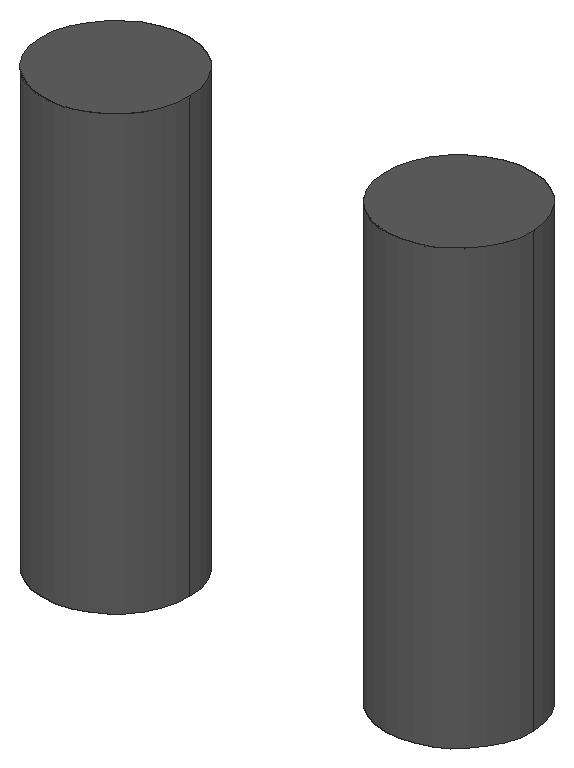
Revit family "5222116733(2023)", category Plumbing Fixtures, Revit 2020
Family settings
  Round Connector Dimension = Use Diameter
  Part Type = Normal
  OmniClass Number = 23.45.55.00
  OmniClass Title = Sanitary Faucets, Wastes
  Work Plane-Based = No
  Always vertical = Yes
  Cut with Voids When Loaded = No
  Shared = No
  Room Calculation Point = No
Parameters (values of type "5222116733 HANSAVANTIS")
  Working Pressure = "50 - 1000 kPa"
  WarrantyStartDate [instance] = "n/a"
  WarrantyGuarantorParts = "n/a"
  WarrantyGuarantorLabor = "n/a"
  WarrantyDurationUnit = "Year"
  WarrantyDurationParts = "n/a"
  WarrantyDurationLabor = "n/a"
  WarrantyDescription = "http://warranty.hansa.com"
  Warranty Information URL = "http://warranty.hansa.com"
  VersionDate = "17/01/2024"
  Version = "1"
  ValvePattern = "n/a"
  ValveOperation = "n/a"
  ValveMechanism = "n/a"
  Uniclass2015Reference = "Pr_40_20_87_96"
  Uniclass2015Description = "Washbasin manual water supply sets"
  Uniclass2 = "Pr_40_30_96_96"
  URL REACH = "http://static.hansa.com/doc/reach"
  URL Materials Declaration = "http://www.hansa.com/fileadmin/resources/189363_5222116733_materialsdeclaration.pdf"
  URL EcoLabel Declaration = "http://static.hansa.com/doc/EcoLabel"
  URL EU Packaging Declaration = "http://static.hansa.com/doc/packaging"
  URL Declaration of SCIP = "http://static.hansa.com/doc/SCIP"
  URL Declaration of Conformity = "http://static.hansa.com/DoC/5222116733"
  URL Declaration of Asbestos = "http://static.hansa.com/doc/asbestos"
  URL Declaration Of Performance (DOP) = "http://static.hansa.com/doc/DoP"
  URL = ""
  UNSPSC Class Number = "30181700 Faucets or taps"
  TestPressure = "n/a"
  Temperature Adjustments = "Limitation option for maximum temperature and flow-rate "
  Technical DataSheet URL = "http://www.hansa.com/datasheet/5222116733/en"
  TagNumber [instance] = "n/a"
  SustainabilityPerformance = "n/a"
  Surface treatment = "Matt black"
  Spout Type = "Swivel spout"
  Spout Swivel Range = "120°"
  Spout Projection = "247 mm"
  Spare-Part Information URL = "http://static.hansa.com/sp/5222116733"
  Size = "54x261.5x338 mm"
  Shape = "Sculptured"
  SerialNumber [instance] = "n/a"
  Sales Package dimensions (LxWxH) = "508 x 249 x 96"
  Revision = "n/a"
  ReplacementCost = "n/a"
  ProductInformation = "Kitchen faucet with high spout"
  Product URL = "http://static.hansa.com/5222116733"
  Product Image URL = "http://static.hansa.com/image/5222116733"
  Product Family = "null Single-lever, side operated;Low pressure"
  Product Code = "5222116733"
  OperatingMechanismMaterial = "n/a"
  NominalWidth = 46.5 mm
  NominalHeight = 361 mm
  NominalDepth = 247 mm
  Noise Class = "I (ISO 3822)"
  Name_en = "5222116733 HANSAVANTIS"
  Name = "5222116733 HANSAVANTIS"
  NBSReference = "45-35-70/371"
  NBSDescription = "Water supply fittings for wash basins and troughs"
  ModelReference = "5222116733"
  ModelNumber = "n/a"
  Model = "5222116733 HANSAVANTIS"
  Mobile Product Information URL = "http://mpi.hansa.com/5222116733"
  Mechanical Parts = "30Cartridge"
  Max. Hot Water Supply = 70 °C
  Material = "Brass"
  Market = "International;Germany;Austria;Belgium;Netherlands;Czech Republic;Slovakia;Italy"
  ManufacturerURL = "http://www.hansa.com"
  ManufacturerName = "HANSA"
  Manufacturer = "HANSA"
  Lever Handle = "Single operating lever/handle;Pin shape;Hot/Cold symbols"
  Interactive AR View URL = "https://static.hansa.com/AR/5222116733"
  InstallationDate [instance] = "n/a"
  Installation and Maintenance Guide URL = "http://static.hansa.com/manual/5222116733"
  Installation Type = "Deck mounted"
  InletConnectionSize = 10 mm
  IfcExportType = "FAUCET"  # constant formula
  IfcExportAs = "IfcValveType"  # constant formula
  Group = "Sales item"
  Grade = "n/a"
  FlowCoefficient = 0
  Finish = "Polished"
  Features = "Kitchen faucet"
  FaucetMainMaterial = Matt black
  FDV Document URL = "http://www.hansa.com/datasheet/5222116733/en/fdv"
  ExpectedLife = "n/a"
  ETIM Class Number = "EC011431 Kitchen mixing tap"
  EAN Number = "4057304019883"
  DurationUnit = "Year"
  Dimension Drawing URL = "http://static.hansa.com/dimdrw/5222116733"
  Description = ""
  DefaultElevation [instance] = 900 mm
  Default Elevation = 0 mm
  Constituents = "n/a"
  Connection Size = "G3/8"
  Connection = "Flexible inlet pipes"
  Color = "Matt black"
  CodePerformance = "n/a"
  CloseOffRating = 0
  Catalog Drawing URL = "http://static.hansa.com/catdrw/5222116733"
  Brand = "HANSA"
  BodyMaterial = "Brass"
  Barcode [instance] = "n/a"
  BIMObjectName = "5222116733(2023)"
  Author = "BIMStone"
  AssetType = "Fixed"
  AssetIdentifier [instance] = "n/a"
  Aerator = "Standard aerator;Laminar stream"
  Advanced Features = "Inner body made of DZR brass"
  AccessibilityPerformance = "n/a"
  3D View = "https://static.hansa.com/AR/5222116733"
  2D/3D/BIM Files URL = "http://static.hansa.com/bim/5222116733"
Reference planes
  plane 1 "Center (Front/Back)": y = 0
  plane 2: z = 0
  plane 3 "Center (Left/Right)": x = 0
  plane 4: x = -23.25
  plane 5: z = 900
  plane 6: z = 870
  plane 7: x = 23.25
  plane 8: y = -247
  plane 9: z = 1261
  plane 10: x = 73.906
Forms (mm)
  Extrusion 1, solid, material "Matt black" <- "FaucetMainMaterial"
    sketch origin (0, 47.989, 0) x (1, 0, 0) y (0, 1, 0)
      loop
        circle (-11.5, -71.208) r 5
      loop
        circle (11.5, -71.208) r 5
    from 870 to 900
Dimensions and locks
  "DefaultElevation": plane 5 to level
  locked: plane 5 to plane 6 at 30
  equal spacing: plane 4, plane 3 "Center (Left/Right)", plane 7
  "NominalWidth": plane 4 to plane 7
  "NominalDepth": plane 8 to plane 1 "Center (Front/Back)"
  "NominalHeight": plane 9 to plane 5
  plane 4 to plane 10 = 97.156 mm
  "InletConnectionSize": diameter of Extrusion 1 sketch curve  (x2)
  aligned and locked: level to plane 2
  aligned and locked: plane 5 to Extrusion 1
  aligned and locked: Extrusion 1 to plane 6
  aligned and locked: nested 2 to plane 5
Automatic sketch dimensions
  plane 3 "Center (Left/Right)" to Extrusion 1 sketch curve = 11.5 mm
  Extrusion 1 sketch curve to plane 3 "Center (Left/Right)" = 11.5 mm
  plane 1 "Center (Front/Back)" to Extrusion 1 sketch curve = 23.219 mm  (x2)
Nested families
  nested 1: "Symbol" at (0, 0, 0), type "Symbol", detail levels coarse
  nested 2: "5222116733(2023)_p" at (0, 0, 900), Body <- "FaucetMainMaterial", type "5222116733(2023)_p"
    with Body Matt black
Connectors
  piping at (-11.5, -23.219, 870), diameter 10, driven by "InletConnectionSize"
    settings: on Extrusion 1, index 1, connector inside diameter 609.6 mm, connector length 0 mm, flow factor 0, pipe flow 0.0 L/s, pressure drop 0.0 Pa, fitting loss kfactor 0, connector angle 0.00°, fixture units 0, engagement length 0 mm, angle of deflection 0.00°, flow configuration 1, flow direction 1, fitting loss method 0, system type 19, joint type 0, gender type 0, connector reference index -1, connector utility 0, adjustable connector no, is connector primary yes, connector description ""
  piping at (11.5, -23.219, 870), diameter 10, driven by "InletConnectionSize"
    settings: on Extrusion 1, index 2, connector inside diameter 609.6 mm, connector length 0 mm, flow factor 0, pipe flow 0.0 L/s, pressure drop 0.0 Pa, fitting loss kfactor 0, connector angle 0.00°, fixture units 0, engagement length 0 mm, angle of deflection 0.00°, flow configuration 1, flow direction 1, fitting loss method 0, system type 20, joint type 0, gender type 0, connector reference index -1, connector utility 0, adjustable connector no, is connector primary no, connector description ""
Definition of nested family "Symbol"
  Reference planes
    plane 1: y = 0
    plane 2: x = 0
  Lines and regions (mm)
    detail lines
      curve 1: line (0, 0, 0) -> (0, -1.8, 0)
      curve 2: line (-0.4, -1.1, 0) -> (0.4, -1.1, 0)
      curve 3: line (-0.4, -1.4, 0) -> (0.4, -1.4, 0)
      curve 4: line (0.863, 0, 0) -> (-0.863, 0, 0)
      curve 5: circle (-1.163, 0, 0) r 0.3 normal (0, 0, -1)
      curve 6: circle (1.163, 0, 0) r 0.3 normal (0, 0, 1)
Definition of nested family "5222116733(2023)_p"
  Parameters
    Default Elevation = 0 mm
    Body [instance] = none
  Reference planes
    plane 1 "Center (Front/Back)": y = 0
    plane 2: z = 0
    plane 3 "Center (Left/Right)": x = 0
    plane 4: y = -246.993
    plane 5: z = 361
    plane 6: x = -23.227
    plane 7: x = 23.227
    plane 8: x = 73.906
  Forms (mm)
    Revolve 1, solid, material <- "Body", detail levels medium
      sketch origin (0, -23.231, 0) x (1, 0, 0) y (0, 0, 1)
        loop
          line (0, 0) -> (0, 119.955) -> (-11.41, 119.955) -> (-11.41, 116.651)
          arc (-11.41, 116.651) -> (-14.514, 109.159) -> (-22.006, 106.055) r 10.596
          line (-22.006, 106.055) -> (-23.227, 106.055) -> (-23.227, 0) -> (0, 0)
        axis (0, 119.955) -> (0, 0)
      angle from 0 to 360
    Sweep 2, solid, material <- "Body", detail levels medium
      path origin (0, 0, 0) x (0, 1, 0) y (0, 0, 1)
        loop
          line (-23.231, 119.955) -> (-23.231, 244.483)
          arc (-23.231, 244.483) -> (-109.998, 347.888) -> (-226.898, 280.395) r 105
          line (-226.898, 280.395) -> (-237.859, 250.28)
      profile origin (0, -23.231, 182.219) x (0, -1, 0) y (1, 0, 0)
        loop
          circle (0, 0) r 11.41
    Extrusion 3, solid, material <- "Body", detail levels medium
      sketch origin (0, 0, 0) x (0, 1, 0) y (0, 0, 1)
        loop
          circle (-23.35, 63.254) r 21
      from 0 to 73.906
    Revolve 4, solid, material <- "Body", detail levels medium
      sketch origin (68.39, 0, 0) x (0, 1, 0) y (0, 0, 1)
        loop
          line (-63.264, 132.518) -> (-30.764, 76.226) -> (-26.236, 78.84) -> (-57.737, 133.4)
          arc (-57.737, 133.4) -> (-58.951, 134.332) -> (-60.467, 134.132) r 1.999
          line (-60.467, 134.132) -> (-63.264, 132.518)
        axis (-63.264, 132.518) -> (-30.764, 76.226)
      angle from 0 to 360
    Extrusion 5, solid, material <- "Body", detail levels coarse
      sketch origin (0, 0, 0) x (1, 0, 0) y (0, 1, 0)
        loop
          line (-23.227, 0) -> (-23.227, -246.993) -> (73.906, -246.993) -> (73.906, 0) -> (-23.227, 0)
      from 0 to 361
  Cuts and joins
    joined: Revolve 1, Sweep 2, Extrusion 3, Revolve 4
  Lines and regions (mm)
    symbolic lines, detail levels medium+fine
      curve 1: line (0, 0, 0) -> (0, -46.438, 0)
      curve 2: line (0, -46.438, 0) -> (0, -46.438, 92.61)
      curve 7: line (0, -46.438, 92.61) -> (0, -66.819, 128.206)
      curve 8: line (0, -60.47, 134.13) -> (0, -66.019, 130.953)
      curve 9: arc (0, -66.019, 130.953) -> (0, -66.974, 129.741) -> (0, -66.819, 128.206) r 2.06
      curve 10: arc (0, -57.729, 133.385) -> (0, -58.945, 134.326) -> (0, -60.47, 134.13) r 2.009
      curve 11: line (0, -57.729, 133.385) -> (0, -42.195, 106.777)
      curve 12: arc (0, -42.195, 106.777) -> (0, -36.46, 111.019) -> (0, -34.607, 117.907) r 10.828
      curve 13: line (0, -34.607, 117.907) -> (0, -34.607, 245.499)
      curve 14: arc (0, -34.607, 245.499) -> (0, -110.959, 336.837) -> (0, -214.388, 277.891) r 92.809
      curve 15: line (0, -214.388, 277.891) -> (0, -225.47, 246.853)
      curve 16: arc (0, -225.47, 246.853) -> (0, -225.996, 246.272) -> (0, -226.778, 246.233) r 1.024
      curve 17: line (0, -226.778, 246.233) -> (0, -246.312, 253.343)
      curve 18: arc (0, -246.312, 253.343) -> (0, -246.887, 253.869) -> (0, -246.921, 254.648) r 1.019
      curve 19: line (0, -246.921, 254.648) -> (0, -235.871, 285.005)
      curve 20: arc (0, -235.871, 285.005) -> (0, -193.563, 340.129) -> (0, -127.283, 361) r 115.497
      curve 21: arc (0, -127.283, 361) -> (0, -45.574, 327.108) -> (0, -11.762, 245.365) r 115.578
      curve 22: line (0, -11.762, 245.365) -> (0, -11.762, 117.837)
      curve 23: arc (0, -11.762, 117.837) -> (0, -8.708, 109.894) -> (0, -1.119, 106.045) r 11.854
      curve 24: arc (0, -1.119, 106.045) -> (0, -0.346, 105.669) -> (0, 0, 104.883) r 1.249
      curve 25: line (0, 0, 104.883) -> (0, 0, 0)
      curve 28: line (0, 0, 0) -> (-23.245, 0, 0)
      curve 29: line (-23.245, 0, 0) -> (-23.245, 0, 105)
      curve 30: arc (-23.245, 0, 105) -> (-22.868, 0, 105.809) -> (-22.006, 0, 106.041) r 1.057
      curve 31: line (-11.411, 0, 349.693) -> (-11.411, 0, 117.757)
      curve 32: arc (-11.411, 0, 117.757) -> (-14.453, 0, 109.859) -> (-22.006, 0, 106.041) r 11.775
      curve 33: arc (0, 0, 361) -> (-8.063, 0, 357.725) -> (-11.411, 0, 349.693) r 11.307
      curve 35: line (0, 0, 0) -> (23.245, 0, 0)
      curve 36: line (23.245, 0, 0) -> (23.245, 0, 37.27)
      curve 37: arc (23.245, 0, 105) -> (22.868, 0, 105.809) -> (22.006, 0, 106.041) r 1.057
      curve 38: line (11.411, 0, 349.693) -> (11.411, 0, 117.757)
      curve 39: arc (11.411, 0, 117.757) -> (14.453, 0, 109.859) -> (22.006, 0, 106.041) r 11.775
      curve 40: arc (0, 0, 361) -> (8.063, 0, 357.725) -> (11.411, 0, 349.693) r 11.307
      curve 43: line (41.194, 0, 42.257) -> (28.8, 0, 42.257)
      curve 44: arc (28.8, 0, 42.257) -> (25.068, 0, 40.828) -> (23.245, 0, 37.27) r 5.587
      curve 45: line (41.194, 0, 42.257) -> (41.194, 0, 43.405)
      curve 46: line (41.194, 0, 84.253) -> (28.37, 0, 84.253)
      curve 47: arc (28.37, 0, 84.253) -> (24.706, 0, 85.795) -> (23.245, 0, 89.491) r 5.126
      curve 48: line (23.245, 0, 89.491) -> (23.245, 0, 105)
      curve 52: line (41.194, 0, 43.405) -> (43.515, 0, 44.07)
      curve 53: arc (43.515, 0, 44.07) -> (45.054, 0, 44.627) -> (46.503, 0, 45.385) r 12.11
      curve 55: line (72.352, 0, 42.287) -> (49.555, 0, 42.287)
      curve 56: arc (49.555, 0, 42.287) -> (48.783, 0, 42.471) -> (48.179, 0, 42.984) r 1.706
      curve 57: arc (48.179, 0, 42.984) -> (47.327, 0, 44.175) -> (46.503, 0, 45.385) r 63.042
      curve 58: arc (73.906, 0, 43.927) -> (73.482, 0, 42.773) -> (72.352, 0, 42.287) r 1.556
      curve 59: line (73.906, 0, 43.927) -> (73.906, 0, 130.607)
      curve 60: arc (73.906, 0, 130.607) -> (73.209, 0, 132.734) -> (71.387, 0, 134.034) r 3.591
      curve 61: arc (71.387, 0, 134.034) -> (68.253, 0, 134.423) -> (65.183, 0, 133.687) r 8.849
      curve 62: arc (65.183, 0, 133.687) -> (63.79, 0, 132.426) -> (63.431, 0, 130.582) r 2.975
      curve 63: line (63.431, 0, 130.582) -> (62.93, 0, 86.747)
      curve 64: line (43.166, 0, 84.274) -> (61.286, 0, 84.274)
      curve 65: arc (62.93, 0, 86.747) -> (62.871, 0, 85.987) -> (62.715, 0, 85.241) r 5.846
      curve 66: arc (62.715, 0, 85.241) -> (62.178, 0, 84.496) -> (61.286, 0, 84.274) r 1.334
      curve 67: line (43.166, 0, 84.274) -> (43.166, 0, 82.482)
      curve 70: line (43.166, 0, 82.482) -> (41.194, 0, 83.048)
      curve 71: line (41.194, 0, 83.048) -> (41.194, 0, 84.253)
      curve 73: line (-11.579, -43.321, 0) -> (-11.579, -236.414, 0)
      curve 74: arc (-11.579, -236.414, 0) -> (-8.121, -244.256, 0) -> (0, -246.993, 0) r 10.623
      curve 78: arc (11.579, -236.414, 0) -> (8.121, -244.256, 0) -> (0, -246.993, 0) r 10.623
      curve 82: line (41.2, -44.229, 0) -> (15.824, -44.229, 0)
      curve 83: arc (15.824, -44.229, 0) -> (13.697, -44.295, 0) -> (11.579, -44.492, 0) r 34.418
      curve 84: line (11.579, -44.492, 0) -> (11.579, -236.414, 0)
      curve 85: line (41.2, -43.07, 0) -> (41.2, -44.229, 0)
      curve 86: line (43.192, -42.498, 0) -> (41.2, -43.07, 0)
      curve 87: line (43.192, -42.498, 0) -> (43.192, -43.803, 0)
      curve 88: arc (43.192, -43.803, 0) -> (43.316, -44.104, 0) -> (43.618, -44.229, 0) r 0.426
      curve 89: line (43.618, -44.229, 0) -> (63.077, -44.229, 0)
      curve 90: line (63.077, -44.229, 0) -> (63.393, -62.33, 0)
      curve 91: arc (63.393, -62.33, 0) -> (64.453, -65.249, 0) -> (67.082, -66.902, 0) r 4.781
      curve 92: arc (67.082, -66.902, 0) -> (71.491, -66.098, 0) -> (73.906, -62.323, 0) r 5.613
      curve 93: line (73.906, -62.323, 0) -> (73.906, -3.625, 0)
      curve 94: arc (73.906, -3.625, 0) -> (73.506, -2.657, 0) -> (72.538, -2.256, 0) r 1.368
      curve 95: line (72.538, -2.256, 0) -> (46.729, -2.256, 0)
      curve 96: arc (46.729, -2.256, 0) -> (46.155, -2.356, 0) -> (45.647, -2.642, 0) r 1.71
      curve 97: arc (45.647, -2.642, 0) -> (44.77, -3.418, 0) -> (43.956, -4.26, 0) r 14.938
      curve 98: line (41.2, -3.441, 0) -> (42.717, -3.82, 0)
      curve 99: arc (42.717, -3.82, 0) -> (43.348, -4.01, 0) -> (43.956, -4.26, 0) r 6.786
      curve 100: line (41.2, -3.441, 0) -> (41.2, -2.539, 0)
      curve 101: arc (41.2, -2.539, 0) -> (41.113, -2.328, 0) -> (40.902, -2.241, 0) r 0.298
      curve 102: line (40.902, -2.241, 0) -> (15.902, -2.241, 0)
      curve 103: arc (15.902, -2.241, 0) -> (11.89, -2.018, 0) -> (7.927, -1.353, 0) r 36.267
      curve 110: arc (7.927, -1.353, 0) -> (-21.063, -13.396, 0) -> (-11.579, -43.321, 0) r 23.227
    symbolic lines, detail levels fine
      curve 3: line (0, -46.438, 92.61) -> (0, -46.438, 104.971)
      curve 4: arc (0, -46.438, 104.971) -> (0, -46.18, 105.688) -> (0, -45.523, 106.075) r 1.124
      curve 5: line (0, -45.523, 106.075) -> (0, -43.394, 106.478)
      curve 6: arc (0, -43.394, 106.478) -> (0, -42.79, 106.611) -> (0, -42.195, 106.777) r 10.828
      curve 26: line (0, -1.119, 106.045) -> (0, -45.683, 106.045)
      curve 27: line (0, -219.929, 262.372) -> (0, -241.281, 270.143)
      curve 34: line (-22.006, 0, 106.041) -> (0, 0, 106.041)
      curve 41: line (22.006, 0, 106.041) -> (0, 0, 106.041)
      curve 42: spline (11.411, 0, 250.226) -> (11.023, 0, 251.349) -> (9.883, 0, 252.396) -> (8.069, 0, 253.295) -> (5.706, 0, 253.985) -> (2.953, 0, 254.419) -> (0, 0, 254.567) -> (-2.953, 0, 254.419) -> (-5.706, 0, 253.985) -> (-8.069, 0, 253.295) -> (-9.883, 0, 252.396) -> (-11.023, 0, 251.349) -> (-11.411, 0, 250.226) -> (-11.023, 0, 249.102) -> (-9.883, 0, 248.055) -> (-8.069, 0, 247.156) -> (-5.706, 0, 246.466) -> (-2.953, 0, 246.032) -> (0, 0, 245.884) -> (2.953, 0, 246.032) -> (5.706, 0, 246.466) -> (8.069, 0, 247.156) -> (9.883, 0, 248.055) -> (11.023, 0, 249.102) -> (11.411, 0, 250.226)
      curve 49: line (24.706, 0, 85.795) -> (12.95, 0, 69.614)
      curve 50: arc (12.95, 0, 69.614) -> (10.922, 0, 62.833) -> (13.577, 0, 56.272) r 10.684
      curve 51: line (13.577, 0, 56.272) -> (25.373, 0, 41.083)
      curve 54: line (41.194, 0, 43.405) -> (41.194, 0, 83.048)
      curve 68: arc (43.166, 0, 54.274) -> (43.314, 0, 52.828) -> (43.752, 0, 51.442) r 7.131
      curve 69: arc (43.752, 0, 51.442) -> (45.101, 0, 48.401) -> (46.503, 0, 45.385) r 186.065
      curve 72: line (43.166, 0, 82.482) -> (43.166, 0, 54.274)
      curve 75: line (-11.579, -43.321, 0) -> (-11.579, -23.321, 0)
      curve 76: arc (-11.579, -23.321, 0) -> (-8.185, -15.148, 0) -> (0, -11.782, 0) r 11.539
      curve 77: line (11.579, -43.321, 0) -> (11.579, -44.492, 0)
      curve 79: line (11.579, -43.321, 0) -> (11.579, -23.321, 0)
      curve 80: arc (11.579, -23.321, 0) -> (8.185, -15.148, 0) -> (0, -11.782, 0) r 11.539
      curve 81: arc (11.579, -43.321, 0) -> (23.14, -21.172, 0) -> (7.927, -1.353, 0) r 23.227
      curve 104: line (41.2, -3.441, 0) -> (41.2, -43.07, 0)
      curve 105: line (63.077, -44.229, 0) -> (62.942, -36.462, 0)
      curve 106: arc (62.942, -36.462, 0) -> (63.837, -33.659, 0) -> (66.251, -31.977, 0) r 4.586
      curve 107: arc (66.251, -31.977, 0) -> (70.938, -32.488, 0) -> (73.906, -36.151, 0) r 6.192
      curve 108: line (43.192, -42.498, 0) -> (43.192, -6.167, 0)
      curve 109: arc (43.192, -6.167, 0) -> (43.39, -5.139, 0) -> (43.956, -4.26, 0) r 2.759
  Dimensions and locks
    aligned and locked: level to plane 2
